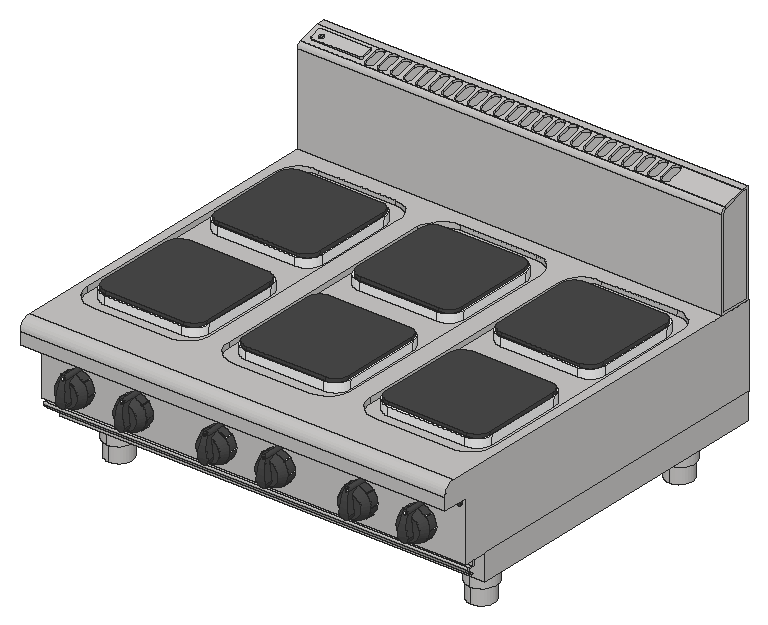
Revit family "QF_Moffat_RN8600SE-B_Electric_Cooktops_Sealed_Hobs_cat", category Specialty Equipment, Revit 2019
Family settings
  Round Connector Dimension = Use Diameter
  Part Type = Normal
  Work Plane-Based = No
  Always vertical = Yes
  Cut with Voids When Loaded = No
  Shared = No
  Room Calculation Point = No
Parameters (values of type "QF_Moffat_RN8600SE-B")
  Weight in Kilograms = 90
  Watts = 396 W
  Volts = 220 V
  URL Cutsheet = ""
  Specification by User = ""
  Specification by Manufacturer = ""
  Show Low Back [instance] = no
  Show Logo [instance] = yes
  Show High Back [instance] = not(Show Low Back)  # yes
  Serial Number = ""
  Seismic Rating = ""
  SMACNA No = ""
  Revision Code = ""
  Phase = 1
  Number of Poles = 1
  NAFEM Spec ID Number = ""
  Model = "RN8600SE-B"
  Min Ckt Ampacity = 0 A
  Max Overcurrent Protection = 0 A
  Masterspec = ""
  Manufacturer = "Moffat"
  Length = 900 mm
  Item Number = ""
  Installed By = ""
  Identify Quantity as Lot = yes
  Height = 530 mm
  HP = ""
  Furnished By = ""
  Foodservice Equipment Identifier = yes
  FL Amps = 1.8 A
  Electrical Remarks = ""
  Electric Connection Type = ""
  Elec Conn RI Height = 0 mm
  Elec Conn Connection Height = 0 mm
  Description = "Electric Cooktops Sealed Hobs"
  Depth = 805 mm
  Cycle = 50 Hz
  Conn Plug = ""
  Conn Conduit = yes
  CSI MasterFormat = ""
  Apparent Power = if(Phase = 3, Volts * FL Amps * 1.73, Volts * FL Amps)  # 396 VA
Reference planes
  plane 1 "BACK": y = 0
  plane 2: z = 0
  plane 3 "LEFT": x = 0
  plane 4 "RIGHT": x = 900
  plane 5 "FRONT": y = -805
  plane 6 "TOP": z = 530
  plane 7 "Center Y": x = 450
  plane 8 "Center X": y = -402.5
Dimensions and locks
  equal spacing: plane 3 "LEFT", plane 7 "Center Y", plane 4 "RIGHT"
  "Length": plane 3 "LEFT" to plane 4 "RIGHT"
  equal spacing: plane 5 "FRONT", plane 8 "Center X", plane 1 "BACK"
  "Depth": plane 5 "FRONT" to plane 1 "BACK"
  "Height": plane 6 "TOP" to level
  aligned and locked: level to plane 2
Nested families
  nested 1: "High and Low Option" at (0, 0, -600), High Back <- "Show High Back", Low Back <- "Show Low Back", Show Logo <- "Show Logo", type "RNLB8610SE"
    with Show Logo 2 yes, Show Logo 1 no, Show Logo yes, Low Back no, High Back yes
  nested 2: "RN8600SE-B" at (0, 0, 0), type "E516S-B"
Connectors
  electrical at (770, -30, 83.4), driven by "Volts", driven by "Watts"
    settings: on nested 2, index 1, voltage 220 V, apparent load 396 VA, apparent load phase1 0 VA, apparent load phase2 0 VA, apparent load phase3 0 VA, power factor 1, load classification "Other", number of poles 1, system type 30, power factor state 1, is connector primary yes, connector utility no, sub classification motor no, connector description "ELECTRICAL CONNECTION"
Definition of nested family "High and Low Option"
  Parameters (values of type "RNLB8610SE")
    Weight in Kilograms = 0
    Watts = Volts * FL Amps  # 12400 W
    Volts = 400 V
    URL Cutsheet = ""
    Specification by User = ""
    Specification by Manufacturer = ""
    Show Logo 2 [instance] = and(Show Logo, High Back)  # yes
    Show Logo 1 [instance] = and(Show Logo, Low Back)  # yes
    Show Logo [instance] = yes
    Serial Number = ""
    Seismic Rating = ""
    SMACNA No = ""
    Revision Code = ""
    Phase = 3
    Number of Poles = 1
    NAFEM Spec ID Number = ""
    Model = ""
    Min Ckt Ampacity = 0 A
    Max Overcurrent Protection = 0 A
    Masterspec = ""
    Manufacturer = ""
    Low Back [instance] = yes
    Length = 900 mm
    Item Number = ""
    Installed By = ""
    Identify Quantity as Lot = yes
    High Back [instance] = yes
    Height = 970 mm
    HP = ""
    Furnished By = ""
    Foodservice Equipment Identifier = yes
    FL Amps = 31 A
    Electrical Remarks = ""
    Electric Connection Type = ""
    Elec Conn RI Height = 0 mm
    Elec Conn Connection Height = 0 mm
    Description = ""
    Depth = 805 mm
    Cycle = 50 Hz
    Conn Plug = ""
    Conn Conduit = yes
    CSI MasterFormat = ""
    Apparent Power = if(Phase = 3, Volts * FL Amps * 1.73, Volts * FL Amps)  # 21452 VA
  Reference planes
    plane 1 "BACK": y = 0
    plane 2: z = 0
    plane 3 "LEFT": x = 0
    plane 4 "RIGHT": x = 900
    plane 5 "FRONT": y = -805
    plane 6 "TOP": z = 970
    plane 7 "Center Y": x = 450
    plane 8 "Center X": y = -402.5
    plane 9: x = 65.5
    plane 10: x = 834.5
    plane 11: z = 150
    plane 12: z = 675
    plane 13: z = 1130
    plane 14: z = 934.75
  Forms (mm)
    Extrusion 1, solid, visible <- "Low Back"
      sketch origin (0, 0, 600) x (0, 1, 0) y (0, 0, 1)
        loop
          line (-70, 315) -> (0, 315) -> (0, 370) -> (-55, 370) -> (-70, 355) -> (-70, 315)
      from 0 to 900
    Extrusion 2, solid, visible <- "High Back"
      sketch origin (0, 0, 0) x (0, 1, 0) y (0, 0, 1)
        loop
          line (-70, 915) -> (0, 915) -> (0, 1130) -> (-15, 1130) -> (-14.143, 1126.8) -> (-3.2, 1126.8) -> (-3.2, 918.2) -> (-66.8, 918.2) -> (-66.8, 1105.938)
          arc (-66.8, 1105.938) -> (-64.972, 1111.307) -> (-60.248, 1114.446) r 8.8
          line (-60.248, 1114.446) -> (-61.106, 1117.646)
          arc (-61.106, 1117.646) -> (-67.52, 1113.36) -> (-70, 1106.055) r 12
          line (-70, 1106.055) -> (-70, 915)
      from 0 to 900
    Extrusion 3, solid, visible <- "High Back"
      sketch origin (0, 0, 0) x (0, 1, 0) y (0, 0, 1)
        loop
          line (-3.2, 1126.8) -> (-14.143, 1126.8) -> (-60.278, 1114.438)
          arc (-60.278, 1114.438) -> (-64.982, 1111.295) -> (-66.8, 1105.938) r 8.8
          line (-66.8, 1105.938) -> (-66.8, 918.2) -> (-3.2, 918.2) -> (-3.2, 1126.8)
      from 0 to 3.2
    Extrusion 4, solid, visible <- "High Back"
      sketch origin (900, 0, 0) x (0, 1, 0) y (0, 0, -1)
        loop
          line (-3.2, -1126.8) -> (-3.2, -918.2) -> (-66.8, -918.2) -> (-66.8, -1105.938)
          arc (-66.8, -1105.938) -> (-64.982, -1111.295) -> (-60.278, -1114.438) r 8.8
          line (-60.278, -1114.438) -> (-14.143, -1126.8) -> (-3.2, -1126.8)
      from 0 to 3.2
    Extrusion 5, solid, visible <- "High Back"
      sketch origin (0, -15, 1130) x (0, -0.965926, -0.258819) y (1, 0, 0)
        loop
          line (47.732, 900) -> (0, 900) -> (0, 0) -> (47.732, 0) -> (47.732, 900)
        loop
          arc (11.379, 149.307) -> (1.379, 139.307) -> (11.379, 129.307) r 10
          line (11.379, 129.307) -> (36.495, 129.307)
          arc (36.495, 129.307) -> (46.495, 139.307) -> (36.495, 149.307) r 10
          line (36.495, 149.307) -> (11.379, 149.307)
        loop
          arc (11.379, 176.588) -> (1.379, 166.588) -> (11.379, 156.588) r 10
          line (11.379, 156.588) -> (36.495, 156.588)
          arc (36.495, 156.588) -> (46.495, 166.588) -> (36.495, 176.588) r 10
          line (36.495, 176.588) -> (11.379, 176.588)
        loop
          arc (11.379, 203.868) -> (1.379, 193.868) -> (11.379, 183.868) r 10
          line (11.379, 183.868) -> (36.495, 183.868)
          arc (36.495, 183.868) -> (46.495, 193.868) -> (36.495, 203.868) r 10
          line (36.495, 203.868) -> (11.379, 203.868)
        loop
          arc (11.379, 231.148) -> (1.379, 221.148) -> (11.379, 211.148) r 10
          line (11.379, 211.148) -> (36.495, 211.148)
          arc (36.495, 211.148) -> (46.495, 221.148) -> (36.495, 231.148) r 10
          line (36.495, 231.148) -> (11.379, 231.148)
        loop
          arc (11.379, 258.428) -> (1.379, 248.428) -> (11.379, 238.428) r 10
          line (11.379, 238.428) -> (36.495, 238.428)
          arc (36.495, 238.428) -> (46.495, 248.428) -> (36.495, 258.428) r 10
          line (36.495, 258.428) -> (11.379, 258.428)
        loop
          arc (11.379, 285.709) -> (1.379, 275.709) -> (11.379, 265.709) r 10
          line (11.379, 265.709) -> (36.495, 265.709)
          arc (36.495, 265.709) -> (46.495, 275.709) -> (36.495, 285.709) r 10
          line (36.495, 285.709) -> (11.379, 285.709)
        loop
          arc (11.379, 312.989) -> (1.379, 302.989) -> (11.379, 292.989) r 10
          line (11.379, 292.989) -> (36.495, 292.989)
          arc (36.495, 292.989) -> (46.495, 302.989) -> (36.495, 312.989) r 10
          line (36.495, 312.989) -> (11.379, 312.989)
        loop
          arc (11.379, 340.269) -> (1.379, 330.269) -> (11.379, 320.269) r 10
          line (11.379, 320.269) -> (36.495, 320.269)
          arc (36.495, 320.269) -> (46.495, 330.269) -> (36.495, 340.269) r 10
          line (36.495, 340.269) -> (11.379, 340.269)
        loop
          arc (11.379, 367.549) -> (1.379, 357.549) -> (11.379, 347.549) r 10
          line (11.379, 347.549) -> (36.495, 347.549)
          arc (36.495, 347.549) -> (46.495, 357.549) -> (36.495, 367.549) r 10
          line (36.495, 367.549) -> (11.379, 367.549)
        loop
          arc (11.379, 394.829) -> (1.379, 384.829) -> (11.379, 374.829) r 10
          line (11.379, 374.829) -> (36.495, 374.829)
          arc (36.495, 374.829) -> (46.495, 384.829) -> (36.495, 394.829) r 10
          line (36.495, 394.829) -> (11.379, 394.829)
        loop
          arc (11.379, 422.11) -> (1.379, 412.11) -> (11.379, 402.11) r 10
          line (11.379, 402.11) -> (36.495, 402.11)
          arc (36.495, 402.11) -> (46.495, 412.11) -> (36.495, 422.11) r 10
          line (36.495, 422.11) -> (11.379, 422.11)
        loop
          arc (11.379, 449.39) -> (1.379, 439.39) -> (11.379, 429.39) r 10
          line (11.379, 429.39) -> (36.495, 429.39)
          arc (36.495, 429.39) -> (46.495, 439.39) -> (36.495, 449.39) r 10
          line (36.495, 449.39) -> (11.379, 449.39)
        loop
          arc (11.379, 476.67) -> (1.379, 466.67) -> (11.379, 456.67) r 10
          line (11.379, 456.67) -> (36.495, 456.67)
          arc (36.495, 456.67) -> (46.495, 466.67) -> (36.495, 476.67) r 10
          line (36.495, 476.67) -> (11.379, 476.67)
        loop
          arc (11.379, 503.95) -> (1.379, 493.95) -> (11.379, 483.95) r 10
          line (11.379, 483.95) -> (36.495, 483.95)
          arc (36.495, 483.95) -> (46.495, 493.95) -> (36.495, 503.95) r 10
          line (36.495, 503.95) -> (11.379, 503.95)
        loop
          arc (11.379, 531.23) -> (1.379, 521.23) -> (11.379, 511.23) r 10
          line (11.379, 511.23) -> (36.495, 511.23)
          arc (36.495, 511.23) -> (46.495, 521.23) -> (36.495, 531.23) r 10
          line (36.495, 531.23) -> (11.379, 531.23)
        loop
          arc (11.379, 558.511) -> (1.379, 548.511) -> (11.379, 538.511) r 10
          line (11.379, 538.511) -> (36.495, 538.511)
          arc (36.495, 538.511) -> (46.495, 548.511) -> (36.495, 558.511) r 10
          line (36.495, 558.511) -> (11.379, 558.511)
        loop
          arc (11.379, 585.791) -> (1.379, 575.791) -> (11.379, 565.791) r 10
          line (11.379, 565.791) -> (36.495, 565.791)
          arc (36.495, 565.791) -> (46.495, 575.791) -> (36.495, 585.791) r 10
          line (36.495, 585.791) -> (11.379, 585.791)
        loop
          arc (11.379, 613.071) -> (1.379, 603.071) -> (11.379, 593.071) r 10
          line (11.379, 593.071) -> (36.495, 593.071)
          arc (36.495, 593.071) -> (46.495, 603.071) -> (36.495, 613.071) r 10
          line (36.495, 613.071) -> (11.379, 613.071)
        loop
          arc (11.379, 640.351) -> (1.379, 630.351) -> (11.379, 620.351) r 10
          line (11.379, 620.351) -> (36.495, 620.351)
          arc (36.495, 620.351) -> (46.495, 630.351) -> (36.495, 640.351) r 10
          line (36.495, 640.351) -> (11.379, 640.351)
        loop
          arc (11.379, 667.632) -> (1.379, 657.632) -> (11.379, 647.632) r 10
          line (11.379, 647.632) -> (36.495, 647.632)
          arc (36.495, 647.632) -> (46.495, 657.632) -> (36.495, 667.632) r 10
          line (36.495, 667.632) -> (11.379, 667.632)
        loop
          arc (11.379, 694.912) -> (1.379, 684.912) -> (11.379, 674.912) r 10
          line (11.379, 674.912) -> (36.495, 674.912)
          arc (36.495, 674.912) -> (46.495, 684.912) -> (36.495, 694.912) r 10
          line (36.495, 694.912) -> (11.379, 694.912)
        loop
          arc (11.379, 722.192) -> (1.379, 712.192) -> (11.379, 702.192) r 10
          line (11.379, 702.192) -> (36.495, 702.192)
          arc (36.495, 702.192) -> (46.495, 712.192) -> (36.495, 722.192) r 10
          line (36.495, 722.192) -> (11.379, 722.192)
        loop
          arc (11.379, 749.472) -> (1.379, 739.472) -> (11.379, 729.472) r 10
          line (11.379, 729.472) -> (36.495, 729.472)
          arc (36.495, 729.472) -> (46.495, 739.472) -> (36.495, 749.472) r 10
          line (36.495, 749.472) -> (11.379, 749.472)
        loop
          arc (11.379, 776.752) -> (1.379, 766.752) -> (11.379, 756.752) r 10
          line (11.379, 756.752) -> (36.495, 756.752)
          arc (36.495, 756.752) -> (46.495, 766.752) -> (36.495, 776.752) r 10
          line (36.495, 776.752) -> (11.379, 776.752)
      from 0 to -3.313
    Extrusion 6, solid, visible <- "Low Back", not visible
      sketch origin (0, 0, 600) x (0, 1, 0) y (0, 0, 1)
        loop
          line (-70, 315) -> (0, 315) -> (0, 370) -> (-55, 370) -> (-70, 355) -> (-70, 315)
      from 0 to 900
    Extrusion 7, solid, visible <- "High Back", not visible
      sketch origin (0, 0, 0) x (0, 1, 0) y (0, 0, 1)
        loop
          line (-70, 915) -> (0, 915) -> (0, 1130) -> (-15, 1130) -> (-14.143, 1126.8) -> (-3.2, 1126.8) -> (-3.2, 918.2) -> (-66.8, 918.2) -> (-66.8, 1105.938)
          arc (-66.8, 1105.938) -> (-64.972, 1111.307) -> (-60.248, 1114.446) r 8.8
          line (-60.248, 1114.446) -> (-61.106, 1117.646)
          arc (-61.106, 1117.646) -> (-67.52, 1113.36) -> (-70, 1106.055) r 12
          line (-70, 1106.055) -> (-70, 915)
      from 0 to 900
    Extrusion 8, solid, visible <- "High Back", not visible
      sketch origin (0, 0, 0) x (0, 1, 0) y (0, 0, 1)
        loop
          line (-3.2, 1126.8) -> (-14.143, 1126.8) -> (-60.278, 1114.438)
          arc (-60.278, 1114.438) -> (-64.982, 1111.295) -> (-66.8, 1105.938) r 8.8
          line (-66.8, 1105.938) -> (-66.8, 918.2) -> (-3.2, 918.2) -> (-3.2, 1126.8)
      from 0 to 3.2
    Extrusion 9, solid, visible <- "High Back", not visible
      sketch origin (900, 0, 0) x (0, 1, 0) y (0, 0, -1)
        loop
          line (-3.2, -1126.8) -> (-3.2, -918.2) -> (-66.8, -918.2) -> (-66.8, -1105.938)
          arc (-66.8, -1105.938) -> (-64.982, -1111.295) -> (-60.278, -1114.438) r 8.8
          line (-60.278, -1114.438) -> (-14.143, -1126.8) -> (-3.2, -1126.8)
      from 0 to 3.2
    Extrusion 10, solid, visible <- "High Back", not visible
      sketch origin (0, -15, 1130) x (0, -0.965926, -0.258819) y (1, 0, 0)
        loop
          line (47.732, 900) -> (0, 900) -> (0, 0) -> (47.732, 0) -> (47.732, 900)
        loop
          arc (11.379, 149.307) -> (1.379, 139.307) -> (11.379, 129.307) r 10
          line (11.379, 129.307) -> (36.495, 129.307)
          arc (36.495, 129.307) -> (46.495, 139.307) -> (36.495, 149.307) r 10
          line (36.495, 149.307) -> (11.379, 149.307)
        loop
          arc (11.379, 176.588) -> (1.379, 166.588) -> (11.379, 156.588) r 10
          line (11.379, 156.588) -> (36.495, 156.588)
          arc (36.495, 156.588) -> (46.495, 166.588) -> (36.495, 176.588) r 10
          line (36.495, 176.588) -> (11.379, 176.588)
        loop
          arc (11.379, 203.868) -> (1.379, 193.868) -> (11.379, 183.868) r 10
          line (11.379, 183.868) -> (36.495, 183.868)
          arc (36.495, 183.868) -> (46.495, 193.868) -> (36.495, 203.868) r 10
          line (36.495, 203.868) -> (11.379, 203.868)
        loop
          arc (11.379, 231.148) -> (1.379, 221.148) -> (11.379, 211.148) r 10
          line (11.379, 211.148) -> (36.495, 211.148)
          arc (36.495, 211.148) -> (46.495, 221.148) -> (36.495, 231.148) r 10
          line (36.495, 231.148) -> (11.379, 231.148)
        loop
          arc (11.379, 258.428) -> (1.379, 248.428) -> (11.379, 238.428) r 10
          line (11.379, 238.428) -> (36.495, 238.428)
          arc (36.495, 238.428) -> (46.495, 248.428) -> (36.495, 258.428) r 10
          line (36.495, 258.428) -> (11.379, 258.428)
        loop
          arc (11.379, 285.709) -> (1.379, 275.709) -> (11.379, 265.709) r 10
          line (11.379, 265.709) -> (36.495, 265.709)
          arc (36.495, 265.709) -> (46.495, 275.709) -> (36.495, 285.709) r 10
          line (36.495, 285.709) -> (11.379, 285.709)
        loop
          arc (11.379, 312.989) -> (1.379, 302.989) -> (11.379, 292.989) r 10
          line (11.379, 292.989) -> (36.495, 292.989)
          arc (36.495, 292.989) -> (46.495, 302.989) -> (36.495, 312.989) r 10
          line (36.495, 312.989) -> (11.379, 312.989)
        loop
          arc (11.379, 340.269) -> (1.379, 330.269) -> (11.379, 320.269) r 10
          line (11.379, 320.269) -> (36.495, 320.269)
          arc (36.495, 320.269) -> (46.495, 330.269) -> (36.495, 340.269) r 10
          line (36.495, 340.269) -> (11.379, 340.269)
        loop
          arc (11.379, 367.549) -> (1.379, 357.549) -> (11.379, 347.549) r 10
          line (11.379, 347.549) -> (36.495, 347.549)
          arc (36.495, 347.549) -> (46.495, 357.549) -> (36.495, 367.549) r 10
          line (36.495, 367.549) -> (11.379, 367.549)
        loop
          arc (11.379, 394.829) -> (1.379, 384.829) -> (11.379, 374.829) r 10
          line (11.379, 374.829) -> (36.495, 374.829)
          arc (36.495, 374.829) -> (46.495, 384.829) -> (36.495, 394.829) r 10
          line (36.495, 394.829) -> (11.379, 394.829)
        loop
          arc (11.379, 422.11) -> (1.379, 412.11) -> (11.379, 402.11) r 10
          line (11.379, 402.11) -> (36.495, 402.11)
          arc (36.495, 402.11) -> (46.495, 412.11) -> (36.495, 422.11) r 10
          line (36.495, 422.11) -> (11.379, 422.11)
        loop
          arc (11.379, 449.39) -> (1.379, 439.39) -> (11.379, 429.39) r 10
          line (11.379, 429.39) -> (36.495, 429.39)
          arc (36.495, 429.39) -> (46.495, 439.39) -> (36.495, 449.39) r 10
          line (36.495, 449.39) -> (11.379, 449.39)
        loop
          arc (11.379, 476.67) -> (1.379, 466.67) -> (11.379, 456.67) r 10
          line (11.379, 456.67) -> (36.495, 456.67)
          arc (36.495, 456.67) -> (46.495, 466.67) -> (36.495, 476.67) r 10
          line (36.495, 476.67) -> (11.379, 476.67)
        loop
          arc (11.379, 503.95) -> (1.379, 493.95) -> (11.379, 483.95) r 10
          line (11.379, 483.95) -> (36.495, 483.95)
          arc (36.495, 483.95) -> (46.495, 493.95) -> (36.495, 503.95) r 10
          line (36.495, 503.95) -> (11.379, 503.95)
        loop
          arc (11.379, 531.23) -> (1.379, 521.23) -> (11.379, 511.23) r 10
          line (11.379, 511.23) -> (36.495, 511.23)
          arc (36.495, 511.23) -> (46.495, 521.23) -> (36.495, 531.23) r 10
          line (36.495, 531.23) -> (11.379, 531.23)
        loop
          arc (11.379, 558.511) -> (1.379, 548.511) -> (11.379, 538.511) r 10
          line (11.379, 538.511) -> (36.495, 538.511)
          arc (36.495, 538.511) -> (46.495, 548.511) -> (36.495, 558.511) r 10
          line (36.495, 558.511) -> (11.379, 558.511)
        loop
          arc (11.379, 585.791) -> (1.379, 575.791) -> (11.379, 565.791) r 10
          line (11.379, 565.791) -> (36.495, 565.791)
          arc (36.495, 565.791) -> (46.495, 575.791) -> (36.495, 585.791) r 10
          line (36.495, 585.791) -> (11.379, 585.791)
        loop
          arc (11.379, 613.071) -> (1.379, 603.071) -> (11.379, 593.071) r 10
          line (11.379, 593.071) -> (36.495, 593.071)
          arc (36.495, 593.071) -> (46.495, 603.071) -> (36.495, 613.071) r 10
          line (36.495, 613.071) -> (11.379, 613.071)
        loop
          arc (11.379, 640.351) -> (1.379, 630.351) -> (11.379, 620.351) r 10
          line (11.379, 620.351) -> (36.495, 620.351)
          arc (36.495, 620.351) -> (46.495, 630.351) -> (36.495, 640.351) r 10
          line (36.495, 640.351) -> (11.379, 640.351)
        loop
          arc (11.379, 667.632) -> (1.379, 657.632) -> (11.379, 647.632) r 10
          line (11.379, 647.632) -> (36.495, 647.632)
          arc (36.495, 647.632) -> (46.495, 657.632) -> (36.495, 667.632) r 10
          line (36.495, 667.632) -> (11.379, 667.632)
        loop
          arc (11.379, 694.912) -> (1.379, 684.912) -> (11.379, 674.912) r 10
          line (11.379, 674.912) -> (36.495, 674.912)
          arc (36.495, 674.912) -> (46.495, 684.912) -> (36.495, 694.912) r 10
          line (36.495, 694.912) -> (11.379, 694.912)
        loop
          arc (11.379, 722.192) -> (1.379, 712.192) -> (11.379, 702.192) r 10
          line (11.379, 702.192) -> (36.495, 702.192)
          arc (36.495, 702.192) -> (46.495, 712.192) -> (36.495, 722.192) r 10
          line (36.495, 722.192) -> (11.379, 722.192)
        loop
          arc (11.379, 749.472) -> (1.379, 739.472) -> (11.379, 729.472) r 10
          line (11.379, 729.472) -> (36.495, 729.472)
          arc (36.495, 729.472) -> (46.495, 739.472) -> (36.495, 749.472) r 10
          line (36.495, 749.472) -> (11.379, 749.472)
        loop
          arc (11.379, 776.752) -> (1.379, 766.752) -> (11.379, 756.752) r 10
          line (11.379, 756.752) -> (36.495, 756.752)
          arc (36.495, 756.752) -> (46.495, 766.752) -> (36.495, 776.752) r 10
          line (36.495, 776.752) -> (11.379, 776.752)
      from 0 to -3.313
  Lines and regions (mm)
    symbolic lines
      curve 1: line (0, -71.587, 946.25) -> (0, -71.587, 923.25)
      curve 2: line (0, 0, 0) -> (900, 0, 0)
      curve 3: line (0, -70, 0) -> (0, 0, 0)
      curve 4: line (900, -70, 0) -> (0, -70, 0)
      curve 5: line (900, 0, 0) -> (900, -70, 0)
      curve 202: line (0, 0, 0) -> (900, 0, 0)
      curve 203: line (0, -70, 0) -> (0, 0, 0)
      curve 204: line (900, -70, 0) -> (0, -70, 0)
      curve 205: line (900, 0, 0) -> (900, -70, 0)
    symbolic lines, visible <- "High Back"
      curve 6: line (129.307, -50.251, 0) -> (129.307, -25.991, 0)
      curve 7: spline (129.307, -25.991, 0) -> (129.648, -23.491, 0) -> (130.647, -21.162, 0) -> (132.236, -19.161, 0) -> (134.307, -17.626, 0) -> (136.719, -16.661, 0) -> (139.307, -16.332, 0) -> (141.896, -16.661, 0) -> (144.307, -17.626, 0) -> (146.379, -19.161, 0) -> (147.968, -21.162, 0) -> (148.967, -23.491, 0) -> (149.307, -25.991, 0)
      curve 8: line (149.307, -25.991, 0) -> (149.307, -50.251, 0)
      curve 9: spline (149.307, -50.251, 0) -> (148.967, -52.751, 0) -> (147.968, -55.081, 0) -> (146.379, -57.081, 0) -> (144.307, -58.616, 0) -> (141.896, -59.581, 0) -> (139.307, -59.91, 0) -> (136.719, -59.581, 0) -> (134.307, -58.616, 0) -> (132.236, -57.081, 0) -> (130.647, -55.081, 0) -> (129.648, -52.751, 0) -> (129.307, -50.251, 0)
      curve 10: line (156.588, -50.251, 0) -> (156.588, -25.991, 0)
      curve 11: spline (156.588, -25.991, 0) -> (156.928, -23.491, 0) -> (157.927, -21.162, 0) -> (159.517, -19.161, 0) -> (161.588, -17.626, 0) -> (164, -16.661, 0) -> (166.588, -16.332, 0) -> (169.176, -16.661, 0) -> (171.588, -17.626, 0) -> (173.659, -19.161, 0) -> (175.248, -21.162, 0) -> (176.247, -23.491, 0) -> (176.588, -25.991, 0)
      curve 12: line (176.588, -25.991, 0) -> (176.588, -50.251, 0)
      curve 13: spline (176.588, -50.251, 0) -> (176.247, -52.751, 0) -> (175.248, -55.081, 0) -> (173.659, -57.081, 0) -> (171.588, -58.616, 0) -> (169.176, -59.581, 0) -> (166.588, -59.91, 0) -> (164, -59.581, 0) -> (161.588, -58.616, 0) -> (159.517, -57.081, 0) -> (157.927, -55.081, 0) -> (156.928, -52.751, 0) -> (156.588, -50.251, 0)
      curve 14: line (183.868, -50.251, 0) -> (183.868, -25.991, 0)
      curve 15: spline (183.868, -25.991, 0) -> (184.209, -23.491, 0) -> (185.208, -21.162, 0) -> (186.797, -19.161, 0) -> (188.868, -17.626, 0) -> (191.28, -16.661, 0) -> (193.868, -16.332, 0) -> (196.456, -16.661, 0) -> (198.868, -17.626, 0) -> (200.939, -19.161, 0) -> (202.528, -21.162, 0) -> (203.527, -23.491, 0) -> (203.868, -25.991, 0)
      curve 16: line (203.868, -25.991, 0) -> (203.868, -50.251, 0)
      curve 17: spline (203.868, -50.251, 0) -> (203.527, -52.751, 0) -> (202.528, -55.081, 0) -> (200.939, -57.081, 0) -> (198.868, -58.616, 0) -> (196.456, -59.581, 0) -> (193.868, -59.91, 0) -> (191.28, -59.581, 0) -> (188.868, -58.616, 0) -> (186.797, -57.081, 0) -> (185.208, -55.081, 0) -> (184.209, -52.751, 0) -> (183.868, -50.251, 0)
      curve 18: line (211.148, -50.251, 0) -> (211.148, -25.991, 0)
      curve 19: spline (211.148, -25.991, 0) -> (211.489, -23.491, 0) -> (212.488, -21.162, 0) -> (214.077, -19.161, 0) -> (216.148, -17.626, 0) -> (218.56, -16.661, 0) -> (221.148, -16.332, 0) -> (223.736, -16.661, 0) -> (226.148, -17.626, 0) -> (228.219, -19.161, 0) -> (229.808, -21.162, 0) -> (230.807, -23.491, 0) -> (231.148, -25.991, 0)
      curve 20: line (231.148, -25.991, 0) -> (231.148, -50.251, 0)
      curve 21: spline (231.148, -50.251, 0) -> (230.807, -52.751, 0) -> (229.808, -55.081, 0) -> (228.219, -57.081, 0) -> (226.148, -58.616, 0) -> (223.736, -59.581, 0) -> (221.148, -59.91, 0) -> (218.56, -59.581, 0) -> (216.148, -58.616, 0) -> (214.077, -57.081, 0) -> (212.488, -55.081, 0) -> (211.489, -52.751, 0) -> (211.148, -50.251, 0)
      curve 22: line (238.428, -50.251, 0) -> (238.428, -25.991, 0)
      curve 23: spline (238.428, -25.991, 0) -> (238.769, -23.491, 0) -> (239.768, -21.162, 0) -> (241.357, -19.161, 0) -> (243.428, -17.626, 0) -> (245.84, -16.661, 0) -> (248.428, -16.332, 0) -> (251.017, -16.661, 0) -> (253.428, -17.626, 0) -> (255.499, -19.161, 0) -> (257.089, -21.162, 0) -> (258.088, -23.491, 0) -> (258.428, -25.991, 0)
      curve 24: line (258.428, -25.991, 0) -> (258.428, -50.251, 0)
      curve 25: spline (258.428, -50.251, 0) -> (258.088, -52.751, 0) -> (257.089, -55.081, 0) -> (255.499, -57.081, 0) -> (253.428, -58.616, 0) -> (251.017, -59.581, 0) -> (248.428, -59.91, 0) -> (245.84, -59.581, 0) -> (243.428, -58.616, 0) -> (241.357, -57.081, 0) -> (239.768, -55.081, 0) -> (238.769, -52.751, 0) -> (238.428, -50.251, 0)
      curve 26: line (265.709, -50.251, 0) -> (265.709, -25.991, 0)
      curve 27: spline (265.709, -25.991, 0) -> (266.049, -23.491, 0) -> (267.048, -21.162, 0) -> (268.637, -19.161, 0) -> (270.709, -17.626, 0) -> (273.12, -16.661, 0) -> (275.709, -16.332, 0) -> (278.297, -16.661, 0) -> (280.709, -17.626, 0) -> (282.78, -19.161, 0) -> (284.369, -21.162, 0) -> (285.368, -23.491, 0) -> (285.709, -25.991, 0)
      curve 28: line (285.709, -25.991, 0) -> (285.709, -50.251, 0)
      curve 29: spline (285.709, -50.251, 0) -> (285.368, -52.751, 0) -> (284.369, -55.081, 0) -> (282.78, -57.081, 0) -> (280.709, -58.616, 0) -> (278.297, -59.581, 0) -> (275.709, -59.91, 0) -> (273.12, -59.581, 0) -> (270.709, -58.616, 0) -> (268.637, -57.081, 0) -> (267.048, -55.081, 0) -> (266.049, -52.751, 0) -> (265.709, -50.251, 0)
      curve 30: line (292.989, -50.251, 0) -> (292.989, -25.991, 0)
      curve 31: spline (292.989, -25.991, 0) -> (293.329, -23.491, 0) -> (294.329, -21.162, 0) -> (295.918, -19.161, 0) -> (297.989, -17.626, 0) -> (300.401, -16.661, 0) -> (302.989, -16.332, 0) -> (305.577, -16.661, 0) -> (307.989, -17.626, 0) -> (310.06, -19.161, 0) -> (311.649, -21.162, 0) -> (312.648, -23.491, 0) -> (312.989, -25.991, 0)
      curve 32: line (312.989, -25.991, 0) -> (312.989, -50.251, 0)
      curve 33: spline (312.989, -50.251, 0) -> (312.648, -52.751, 0) -> (311.649, -55.081, 0) -> (310.06, -57.081, 0) -> (307.989, -58.616, 0) -> (305.577, -59.581, 0) -> (302.989, -59.91, 0) -> (300.401, -59.581, 0) -> (297.989, -58.616, 0) -> (295.918, -57.081, 0) -> (294.329, -55.081, 0) -> (293.329, -52.751, 0) -> (292.989, -50.251, 0)
      curve 34: line (320.269, -50.251, 0) -> (320.269, -25.991, 0)
      curve 35: spline (320.269, -25.991, 0) -> (320.61, -23.491, 0) -> (321.609, -21.162, 0) -> (323.198, -19.161, 0) -> (325.269, -17.626, 0) -> (327.681, -16.661, 0) -> (330.269, -16.332, 0) -> (332.857, -16.661, 0) -> (335.269, -17.626, 0) -> (337.34, -19.161, 0) -> (338.929, -21.162, 0) -> (339.928, -23.491, 0) -> (340.269, -25.991, 0)
      curve 36: line (340.269, -25.991, 0) -> (340.269, -50.251, 0)
      curve 37: spline (340.269, -50.251, 0) -> (339.928, -52.751, 0) -> (338.929, -55.081, 0) -> (337.34, -57.081, 0) -> (335.269, -58.616, 0) -> (332.857, -59.581, 0) -> (330.269, -59.91, 0) -> (327.681, -59.581, 0) -> (325.269, -58.616, 0) -> (323.198, -57.081, 0) -> (321.609, -55.081, 0) -> (320.61, -52.751, 0) -> (320.269, -50.251, 0)
      curve 38: line (347.549, -50.251, 0) -> (347.549, -25.991, 0)
      curve 39: spline (347.549, -25.991, 0) -> (347.89, -23.491, 0) -> (348.889, -21.162, 0) -> (350.478, -19.161, 0) -> (352.549, -17.626, 0) -> (354.961, -16.661, 0) -> (357.549, -16.332, 0) -> (360.137, -16.661, 0) -> (362.549, -17.626, 0) -> (364.62, -19.161, 0) -> (366.209, -21.162, 0) -> (367.208, -23.491, 0) -> (367.549, -25.991, 0)
      curve 40: line (367.549, -25.991, 0) -> (367.549, -50.251, 0)
      curve 41: spline (367.549, -50.251, 0) -> (367.208, -52.751, 0) -> (366.209, -55.081, 0) -> (364.62, -57.081, 0) -> (362.549, -58.616, 0) -> (360.137, -59.581, 0) -> (357.549, -59.91, 0) -> (354.961, -59.581, 0) -> (352.549, -58.616, 0) -> (350.478, -57.081, 0) -> (348.889, -55.081, 0) -> (347.89, -52.751, 0) -> (347.549, -50.251, 0)
      curve 42: line (374.829, -50.251, 0) -> (374.829, -25.991, 0)
      curve 43: spline (374.829, -25.991, 0) -> (375.17, -23.491, 0) -> (376.169, -21.162, 0) -> (377.758, -19.161, 0) -> (379.829, -17.626, 0) -> (382.241, -16.661, 0) -> (384.829, -16.332, 0) -> (387.418, -16.661, 0) -> (389.829, -17.626, 0) -> (391.9, -19.161, 0) -> (393.49, -21.162, 0) -> (394.489, -23.491, 0) -> (394.829, -25.991, 0)
      curve 44: line (394.829, -25.991, 0) -> (394.829, -50.251, 0)
      curve 45: spline (394.829, -50.251, 0) -> (394.489, -52.751, 0) -> (393.49, -55.081, 0) -> (391.9, -57.081, 0) -> (389.829, -58.616, 0) -> (387.418, -59.581, 0) -> (384.829, -59.91, 0) -> (382.241, -59.581, 0) -> (379.829, -58.616, 0) -> (377.758, -57.081, 0) -> (376.169, -55.081, 0) -> (375.17, -52.751, 0) -> (374.829, -50.251, 0)
      curve 46: line (402.11, -50.251, 0) -> (402.11, -25.991, 0)
      curve 47: spline (402.11, -25.991, 0) -> (402.45, -23.491, 0) -> (403.449, -21.162, 0) -> (405.039, -19.161, 0) -> (407.11, -17.626, 0) -> (409.521, -16.661, 0) -> (412.11, -16.332, 0) -> (414.698, -16.661, 0) -> (417.11, -17.626, 0) -> (419.181, -19.161, 0) -> (420.77, -21.162, 0) -> (421.769, -23.491, 0) -> (422.11, -25.991, 0)
      curve 48: line (422.11, -25.991, 0) -> (422.11, -50.251, 0)
      curve 49: spline (422.11, -50.251, 0) -> (421.769, -52.751, 0) -> (420.77, -55.081, 0) -> (419.181, -57.081, 0) -> (417.11, -58.616, 0) -> (414.698, -59.581, 0) -> (412.11, -59.91, 0) -> (409.521, -59.581, 0) -> (407.11, -58.616, 0) -> (405.039, -57.081, 0) -> (403.449, -55.081, 0) -> (402.45, -52.751, 0) -> (402.11, -50.251, 0)
      curve 50: line (429.39, -50.251, 0) -> (429.39, -25.991, 0)
      curve 51: spline (429.39, -25.991, 0) -> (429.731, -23.491, 0) -> (430.73, -21.162, 0) -> (432.319, -19.161, 0) -> (434.39, -17.626, 0) -> (436.802, -16.661, 0) -> (439.39, -16.332, 0) -> (441.978, -16.661, 0) -> (444.39, -17.626, 0) -> (446.461, -19.161, 0) -> (448.05, -21.162, 0) -> (449.049, -23.491, 0) -> (449.39, -25.991, 0)
      curve 52: line (449.39, -25.991, 0) -> (449.39, -50.251, 0)
      curve 53: spline (449.39, -50.251, 0) -> (449.049, -52.751, 0) -> (448.05, -55.081, 0) -> (446.461, -57.081, 0) -> (444.39, -58.616, 0) -> (441.978, -59.581, 0) -> (439.39, -59.91, 0) -> (436.802, -59.581, 0) -> (434.39, -58.616, 0) -> (432.319, -57.081, 0) -> (430.73, -55.081, 0) -> (429.731, -52.751, 0) -> (429.39, -50.251, 0)
      curve 54: line (456.67, -50.251, 0) -> (456.67, -25.991, 0)
      curve 55: spline (456.67, -25.991, 0) -> (457.011, -23.491, 0) -> (458.01, -21.162, 0) -> (459.599, -19.161, 0) -> (461.67, -17.626, 0) -> (464.082, -16.661, 0) -> (466.67, -16.332, 0) -> (469.258, -16.661, 0) -> (471.67, -17.626, 0) -> (473.741, -19.161, 0) -> (475.33, -21.162, 0) -> (476.329, -23.491, 0) -> (476.67, -25.991, 0)
      curve 56: line (476.67, -25.991, 0) -> (476.67, -50.251, 0)
      curve 57: spline (476.67, -50.251, 0) -> (476.329, -52.751, 0) -> (475.33, -55.081, 0) -> (473.741, -57.081, 0) -> (471.67, -58.616, 0) -> (469.258, -59.581, 0) -> (466.67, -59.91, 0) -> (464.082, -59.581, 0) -> (461.67, -58.616, 0) -> (459.599, -57.081, 0) -> (458.01, -55.081, 0) -> (457.011, -52.751, 0) -> (456.67, -50.251, 0)
      curve 58: line (483.95, -50.251, 0) -> (483.95, -25.991, 0)
      curve 59: spline (483.95, -25.991, 0) -> (484.291, -23.491, 0) -> (485.29, -21.162, 0) -> (486.879, -19.161, 0) -> (488.95, -17.626, 0) -> (491.362, -16.661, 0) -> (493.95, -16.332, 0) -> (496.538, -16.661, 0) -> (498.95, -17.626, 0) -> (501.021, -19.161, 0) -> (502.61, -21.162, 0) -> (503.609, -23.491, 0) -> (503.95, -25.991, 0)
      curve 60: line (503.95, -25.991, 0) -> (503.95, -50.251, 0)
      curve 61: spline (503.95, -50.251, 0) -> (503.609, -52.751, 0) -> (502.61, -55.081, 0) -> (501.021, -57.081, 0) -> (498.95, -58.616, 0) -> (496.538, -59.581, 0) -> (493.95, -59.91, 0) -> (491.362, -59.581, 0) -> (488.95, -58.616, 0) -> (486.879, -57.081, 0) -> (485.29, -55.081, 0) -> (484.291, -52.751, 0) -> (483.95, -50.251, 0)
      curve 62: line (511.23, -50.251, 0) -> (511.23, -25.991, 0)
      curve 63: spline (511.23, -25.991, 0) -> (511.571, -23.491, 0) -> (512.57, -21.162, 0) -> (514.159, -19.161, 0) -> (516.23, -17.626, 0) -> (518.642, -16.661, 0) -> (521.23, -16.332, 0) -> (523.819, -16.661, 0) -> (526.23, -17.626, 0) -> (528.302, -19.161, 0) -> (529.891, -21.162, 0) -> (530.89, -23.491, 0) -> (531.23, -25.991, 0)
      curve 64: line (531.23, -25.991, 0) -> (531.23, -50.251, 0)
      curve 65: spline (531.23, -50.251, 0) -> (530.89, -52.751, 0) -> (529.891, -55.081, 0) -> (528.302, -57.081, 0) -> (526.23, -58.616, 0) -> (523.819, -59.581, 0) -> (521.23, -59.91, 0) -> (518.642, -59.581, 0) -> (516.23, -58.616, 0) -> (514.159, -57.081, 0) -> (512.57, -55.081, 0) -> (511.571, -52.751, 0) -> (511.23, -50.251, 0)
      curve 66: line (538.511, -50.251, 0) -> (538.511, -25.991, 0)
      curve 67: spline (538.511, -25.991, 0) -> (538.851, -23.491, 0) -> (539.85, -21.162, 0) -> (541.44, -19.161, 0) -> (543.511, -17.626, 0) -> (545.922, -16.661, 0) -> (548.511, -16.332, 0) -> (551.099, -16.661, 0) -> (553.511, -17.626, 0) -> (555.582, -19.161, 0) -> (557.171, -21.162, 0) -> (558.17, -23.491, 0) -> (558.511, -25.991, 0)
      curve 68: line (558.511, -25.991, 0) -> (558.511, -50.251, 0)
      curve 69: spline (558.511, -50.251, 0) -> (558.17, -52.751, 0) -> (557.171, -55.081, 0) -> (555.582, -57.081, 0) -> (553.511, -58.616, 0) -> (551.099, -59.581, 0) -> (548.511, -59.91, 0) -> (545.922, -59.581, 0) -> (543.511, -58.616, 0) -> (541.44, -57.081, 0) -> (539.85, -55.081, 0) -> (538.851, -52.751, 0) -> (538.511, -50.251, 0)
      curve 70: line (565.791, -50.251, 0) -> (565.791, -25.991, 0)
      curve 71: spline (565.791, -25.991, 0) -> (566.132, -23.491, 0) -> (567.131, -21.162, 0) -> (568.72, -19.161, 0) -> (570.791, -17.626, 0) -> (573.203, -16.661, 0) -> (575.791, -16.332, 0) -> (578.379, -16.661, 0) -> (580.791, -17.626, 0) -> (582.862, -19.161, 0) -> (584.451, -21.162, 0) -> (585.45, -23.491, 0) -> (585.791, -25.991, 0)
      curve 72: line (585.791, -25.991, 0) -> (585.791, -50.251, 0)
      curve 73: spline (585.791, -50.251, 0) -> (585.45, -52.751, 0) -> (584.451, -55.081, 0) -> (582.862, -57.081, 0) -> (580.791, -58.616, 0) -> (578.379, -59.581, 0) -> (575.791, -59.91, 0) -> (573.203, -59.581, 0) -> (570.791, -58.616, 0) -> (568.72, -57.081, 0) -> (567.131, -55.081, 0) -> (566.132, -52.751, 0) -> (565.791, -50.251, 0)
      curve 74: line (593.071, -50.251, 0) -> (593.071, -25.991, 0)
      curve 75: spline (593.071, -25.991, 0) -> (593.412, -23.491, 0) -> (594.411, -21.162, 0) -> (596, -19.161, 0) -> (598.071, -17.626, 0) -> (600.483, -16.661, 0) -> (603.071, -16.332, 0) -> (605.659, -16.661, 0) -> (608.071, -17.626, 0) -> (610.142, -19.161, 0) -> (611.731, -21.162, 0) -> (612.73, -23.491, 0) -> (613.071, -25.991, 0)
      curve 76: line (613.071, -25.991, 0) -> (613.071, -50.251, 0)
      curve 77: spline (613.071, -50.251, 0) -> (612.73, -52.751, 0) -> (611.731, -55.081, 0) -> (610.142, -57.081, 0) -> (608.071, -58.616, 0) -> (605.659, -59.581, 0) -> (603.071, -59.91, 0) -> (600.483, -59.581, 0) -> (598.071, -58.616, 0) -> (596, -57.081, 0) -> (594.411, -55.081, 0) -> (593.412, -52.751, 0) -> (593.071, -50.251, 0)
      curve 78: line (620.351, -50.251, 0) -> (620.351, -25.991, 0)
      curve 79: spline (620.351, -25.991, 0) -> (620.692, -23.491, 0) -> (621.691, -21.162, 0) -> (623.28, -19.161, 0) -> (625.351, -17.626, 0) -> (627.763, -16.661, 0) -> (630.351, -16.332, 0) -> (632.939, -16.661, 0) -> (635.351, -17.626, 0) -> (637.422, -19.161, 0) -> (639.012, -21.162, 0) -> (640.011, -23.491, 0) -> (640.351, -25.991, 0)
      curve 80: line (640.351, -25.991, 0) -> (640.351, -50.251, 0)
      curve 81: spline (640.351, -50.251, 0) -> (640.011, -52.751, 0) -> (639.012, -55.081, 0) -> (637.422, -57.081, 0) -> (635.351, -58.616, 0) -> (632.939, -59.581, 0) -> (630.351, -59.91, 0) -> (627.763, -59.581, 0) -> (625.351, -58.616, 0) -> (623.28, -57.081, 0) -> (621.691, -55.081, 0) -> (620.692, -52.751, 0) -> (620.351, -50.251, 0)
      curve 82: line (647.632, -50.251, 0) -> (647.632, -25.991, 0)
      curve 83: spline (647.632, -25.991, 0) -> (647.972, -23.491, 0) -> (648.971, -21.162, 0) -> (650.56, -19.161, 0) -> (652.632, -17.626, 0) -> (655.043, -16.661, 0) -> (657.632, -16.332, 0) -> (660.22, -16.661, 0) -> (662.632, -17.626, 0) -> (664.703, -19.161, 0) -> (666.292, -21.162, 0) -> (667.291, -23.491, 0) -> (667.632, -25.991, 0)
      curve 84: line (667.632, -25.991, 0) -> (667.632, -50.251, 0)
      curve 85: spline (667.632, -50.251, 0) -> (667.291, -52.751, 0) -> (666.292, -55.081, 0) -> (664.703, -57.081, 0) -> (662.632, -58.616, 0) -> (660.22, -59.581, 0) -> (657.632, -59.91, 0) -> (655.043, -59.581, 0) -> (652.632, -58.616, 0) -> (650.56, -57.081, 0) -> (648.971, -55.081, 0) -> (647.972, -52.751, 0) -> (647.632, -50.251, 0)
      curve 86: line (674.912, -50.251, 0) -> (674.912, -25.991, 0)
      curve 87: spline (674.912, -25.991, 0) -> (675.252, -23.491, 0) -> (676.251, -21.162, 0) -> (677.841, -19.161, 0) -> (679.912, -17.626, 0) -> (682.324, -16.661, 0) -> (684.912, -16.332, 0) -> (687.5, -16.661, 0) -> (689.912, -17.626, 0) -> (691.983, -19.161, 0) -> (693.572, -21.162, 0) -> (694.571, -23.491, 0) -> (694.912, -25.991, 0)
      curve 88: line (694.912, -25.991, 0) -> (694.912, -50.251, 0)
      curve 89: spline (694.912, -50.251, 0) -> (694.571, -52.751, 0) -> (693.572, -55.081, 0) -> (691.983, -57.081, 0) -> (689.912, -58.616, 0) -> (687.5, -59.581, 0) -> (684.912, -59.91, 0) -> (682.324, -59.581, 0) -> (679.912, -58.616, 0) -> (677.841, -57.081, 0) -> (676.251, -55.081, 0) -> (675.252, -52.751, 0) -> (674.912, -50.251, 0)
      curve 90: line (702.192, -50.251, 0) -> (702.192, -25.991, 0)
      curve 91: spline (702.192, -25.991, 0) -> (702.533, -23.491, 0) -> (703.532, -21.162, 0) -> (705.121, -19.161, 0) -> (707.192, -17.626, 0) -> (709.604, -16.661, 0) -> (712.192, -16.332, 0) -> (714.78, -16.661, 0) -> (717.192, -17.626, 0) -> (719.263, -19.161, 0) -> (720.852, -21.162, 0) -> (721.851, -23.491, 0) -> (722.192, -25.991, 0)
      curve 92: line (722.192, -25.991, 0) -> (722.192, -50.251, 0)
      curve 93: spline (722.192, -50.251, 0) -> (721.851, -52.751, 0) -> (720.852, -55.081, 0) -> (719.263, -57.081, 0) -> (717.192, -58.616, 0) -> (714.78, -59.581, 0) -> (712.192, -59.91, 0) -> (709.604, -59.581, 0) -> (707.192, -58.616, 0) -> (705.121, -57.081, 0) -> (703.532, -55.081, 0) -> (702.533, -52.751, 0) -> (702.192, -50.251, 0)
      curve 94: line (729.472, -50.251, 0) -> (729.472, -25.991, 0)
      curve 95: spline (729.472, -25.991, 0) -> (729.813, -23.491, 0) -> (730.812, -21.162, 0) -> (732.401, -19.161, 0) -> (734.472, -17.626, 0) -> (736.884, -16.661, 0) -> (739.472, -16.332, 0) -> (742.06, -16.661, 0) -> (744.472, -17.626, 0) -> (746.543, -19.161, 0) -> (748.132, -21.162, 0) -> (749.131, -23.491, 0) -> (749.472, -25.991, 0)
      curve 96: line (749.472, -25.991, 0) -> (749.472, -50.251, 0)
      curve 97: spline (749.472, -50.251, 0) -> (749.131, -52.751, 0) -> (748.132, -55.081, 0) -> (746.543, -57.081, 0) -> (744.472, -58.616, 0) -> (742.06, -59.581, 0) -> (739.472, -59.91, 0) -> (736.884, -59.581, 0) -> (734.472, -58.616, 0) -> (732.401, -57.081, 0) -> (730.812, -55.081, 0) -> (729.813, -52.751, 0) -> (729.472, -50.251, 0)
      curve 98: line (756.752, -50.251, 0) -> (756.752, -25.991, 0)
      curve 99: spline (756.752, -25.991, 0) -> (757.093, -23.491, 0) -> (758.092, -21.162, 0) -> (759.681, -19.161, 0) -> (761.752, -17.626, 0) -> (764.164, -16.661, 0) -> (766.752, -16.332, 0) -> (769.341, -16.661, 0) -> (771.752, -17.626, 0) -> (773.823, -19.161, 0) -> (775.413, -21.162, 0) -> (776.412, -23.491, 0) -> (776.752, -25.991, 0)
      curve 100: line (776.752, -25.991, 0) -> (776.752, -50.251, 0)
      curve 101: spline (776.752, -50.251, 0) -> (776.412, -52.751, 0) -> (775.413, -55.081, 0) -> (773.823, -57.081, 0) -> (771.752, -58.616, 0) -> (769.341, -59.581, 0) -> (766.752, -59.91, 0) -> (764.164, -59.581, 0) -> (761.752, -58.616, 0) -> (759.681, -57.081, 0) -> (758.092, -55.081, 0) -> (757.093, -52.751, 0) -> (756.752, -50.251, 0)
    symbolic lines, not visible
      curve 102: line (0, 0, 0) -> (900, 0, 0)
      curve 103: line (0, -70, 0) -> (0, 0, 0)
      curve 104: line (900, -70, 0) -> (0, -70, 0)
      curve 105: line (900, 0, 0) -> (900, -70, 0)
      curve 206: line (0, 0, 0) -> (900, 0, 0)
      curve 207: line (0, -70, 0) -> (0, 0, 0)
      curve 208: line (900, -70, 0) -> (0, -70, 0)
      curve 209: line (900, 0, 0) -> (900, -70, 0)
    symbolic lines, visible <- "High Back", not visible
      curve 106: line (129.307, -50.251, 0) -> (129.307, -25.991, 0)
      curve 107: spline (129.307, -25.991, 0) -> (129.648, -23.491, 0) -> (130.647, -21.162, 0) -> (132.236, -19.161, 0) -> (134.307, -17.626, 0) -> (136.719, -16.661, 0) -> (139.307, -16.332, 0) -> (141.896, -16.661, 0) -> (144.307, -17.626, 0) -> (146.379, -19.161, 0) -> (147.968, -21.162, 0) -> (148.967, -23.491, 0) -> (149.307, -25.991, 0)
      curve 108: line (149.307, -25.991, 0) -> (149.307, -50.251, 0)
      curve 109: spline (149.307, -50.251, 0) -> (148.967, -52.751, 0) -> (147.968, -55.081, 0) -> (146.379, -57.081, 0) -> (144.307, -58.616, 0) -> (141.896, -59.581, 0) -> (139.307, -59.91, 0) -> (136.719, -59.581, 0) -> (134.307, -58.616, 0) -> (132.236, -57.081, 0) -> (130.647, -55.081, 0) -> (129.648, -52.751, 0) -> (129.307, -50.251, 0)
      curve 110: line (156.588, -50.251, 0) -> (156.588, -25.991, 0)
      curve 111: spline (156.588, -25.991, 0) -> (156.928, -23.491, 0) -> (157.927, -21.162, 0) -> (159.517, -19.161, 0) -> (161.588, -17.626, 0) -> (164, -16.661, 0) -> (166.588, -16.332, 0) -> (169.176, -16.661, 0) -> (171.588, -17.626, 0) -> (173.659, -19.161, 0) -> (175.248, -21.162, 0) -> (176.247, -23.491, 0) -> (176.588, -25.991, 0)
      curve 112: line (176.588, -25.991, 0) -> (176.588, -50.251, 0)
      curve 113: spline (176.588, -50.251, 0) -> (176.247, -52.751, 0) -> (175.248, -55.081, 0) -> (173.659, -57.081, 0) -> (171.588, -58.616, 0) -> (169.176, -59.581, 0) -> (166.588, -59.91, 0) -> (164, -59.581, 0) -> (161.588, -58.616, 0) -> (159.517, -57.081, 0) -> (157.927, -55.081, 0) -> (156.928, -52.751, 0) -> (156.588, -50.251, 0)
      curve 114: line (183.868, -50.251, 0) -> (183.868, -25.991, 0)
      curve 115: spline (183.868, -25.991, 0) -> (184.209, -23.491, 0) -> (185.208, -21.162, 0) -> (186.797, -19.161, 0) -> (188.868, -17.626, 0) -> (191.28, -16.661, 0) -> (193.868, -16.332, 0) -> (196.456, -16.661, 0) -> (198.868, -17.626, 0) -> (200.939, -19.161, 0) -> (202.528, -21.162, 0) -> (203.527, -23.491, 0) -> (203.868, -25.991, 0)
      curve 116: line (203.868, -25.991, 0) -> (203.868, -50.251, 0)
      curve 117: spline (203.868, -50.251, 0) -> (203.527, -52.751, 0) -> (202.528, -55.081, 0) -> (200.939, -57.081, 0) -> (198.868, -58.616, 0) -> (196.456, -59.581, 0) -> (193.868, -59.91, 0) -> (191.28, -59.581, 0) -> (188.868, -58.616, 0) -> (186.797, -57.081, 0) -> (185.208, -55.081, 0) -> (184.209, -52.751, 0) -> (183.868, -50.251, 0)
      curve 118: line (211.148, -50.251, 0) -> (211.148, -25.991, 0)
      curve 119: spline (211.148, -25.991, 0) -> (211.489, -23.491, 0) -> (212.488, -21.162, 0) -> (214.077, -19.161, 0) -> (216.148, -17.626, 0) -> (218.56, -16.661, 0) -> (221.148, -16.332, 0) -> (223.736, -16.661, 0) -> (226.148, -17.626, 0) -> (228.219, -19.161, 0) -> (229.808, -21.162, 0) -> (230.807, -23.491, 0) -> (231.148, -25.991, 0)
      curve 120: line (231.148, -25.991, 0) -> (231.148, -50.251, 0)
      curve 121: spline (231.148, -50.251, 0) -> (230.807, -52.751, 0) -> (229.808, -55.081, 0) -> (228.219, -57.081, 0) -> (226.148, -58.616, 0) -> (223.736, -59.581, 0) -> (221.148, -59.91, 0) -> (218.56, -59.581, 0) -> (216.148, -58.616, 0) -> (214.077, -57.081, 0) -> (212.488, -55.081, 0) -> (211.489, -52.751, 0) -> (211.148, -50.251, 0)
      curve 122: line (238.428, -50.251, 0) -> (238.428, -25.991, 0)
      curve 123: spline (238.428, -25.991, 0) -> (238.769, -23.491, 0) -> (239.768, -21.162, 0) -> (241.357, -19.161, 0) -> (243.428, -17.626, 0) -> (245.84, -16.661, 0) -> (248.428, -16.332, 0) -> (251.017, -16.661, 0) -> (253.428, -17.626, 0) -> (255.499, -19.161, 0) -> (257.089, -21.162, 0) -> (258.088, -23.491, 0) -> (258.428, -25.991, 0)
      curve 124: line (258.428, -25.991, 0) -> (258.428, -50.251, 0)
      curve 125: spline (258.428, -50.251, 0) -> (258.088, -52.751, 0) -> (257.089, -55.081, 0) -> (255.499, -57.081, 0) -> (253.428, -58.616, 0) -> (251.017, -59.581, 0) -> (248.428, -59.91, 0) -> (245.84, -59.581, 0) -> (243.428, -58.616, 0) -> (241.357, -57.081, 0) -> (239.768, -55.081, 0) -> (238.769, -52.751, 0) -> (238.428, -50.251, 0)
      curve 126: line (265.709, -50.251, 0) -> (265.709, -25.991, 0)
      curve 127: spline (265.709, -25.991, 0) -> (266.049, -23.491, 0) -> (267.048, -21.162, 0) -> (268.637, -19.161, 0) -> (270.709, -17.626, 0) -> (273.12, -16.661, 0) -> (275.709, -16.332, 0) -> (278.297, -16.661, 0) -> (280.709, -17.626, 0) -> (282.78, -19.161, 0) -> (284.369, -21.162, 0) -> (285.368, -23.491, 0) -> (285.709, -25.991, 0)
      curve 128: line (285.709, -25.991, 0) -> (285.709, -50.251, 0)
      curve 129: spline (285.709, -50.251, 0) -> (285.368, -52.751, 0) -> (284.369, -55.081, 0) -> (282.78, -57.081, 0) -> (280.709, -58.616, 0) -> (278.297, -59.581, 0) -> (275.709, -59.91, 0) -> (273.12, -59.581, 0) -> (270.709, -58.616, 0) -> (268.637, -57.081, 0) -> (267.048, -55.081, 0) -> (266.049, -52.751, 0) -> (265.709, -50.251, 0)
      curve 130: line (292.989, -50.251, 0) -> (292.989, -25.991, 0)
      curve 131: spline (292.989, -25.991, 0) -> (293.329, -23.491, 0) -> (294.329, -21.162, 0) -> (295.918, -19.161, 0) -> (297.989, -17.626, 0) -> (300.401, -16.661, 0) -> (302.989, -16.332, 0) -> (305.577, -16.661, 0) -> (307.989, -17.626, 0) -> (310.06, -19.161, 0) -> (311.649, -21.162, 0) -> (312.648, -23.491, 0) -> (312.989, -25.991, 0)
      curve 132: line (312.989, -25.991, 0) -> (312.989, -50.251, 0)
      curve 133: spline (312.989, -50.251, 0) -> (312.648, -52.751, 0) -> (311.649, -55.081, 0) -> (310.06, -57.081, 0) -> (307.989, -58.616, 0) -> (305.577, -59.581, 0) -> (302.989, -59.91, 0) -> (300.401, -59.581, 0) -> (297.989, -58.616, 0) -> (295.918, -57.081, 0) -> (294.329, -55.081, 0) -> (293.329, -52.751, 0) -> (292.989, -50.251, 0)
      curve 134: line (320.269, -50.251, 0) -> (320.269, -25.991, 0)
      curve 135: spline (320.269, -25.991, 0) -> (320.61, -23.491, 0) -> (321.609, -21.162, 0) -> (323.198, -19.161, 0) -> (325.269, -17.626, 0) -> (327.681, -16.661, 0) -> (330.269, -16.332, 0) -> (332.857, -16.661, 0) -> (335.269, -17.626, 0) -> (337.34, -19.161, 0) -> (338.929, -21.162, 0) -> (339.928, -23.491, 0) -> (340.269, -25.991, 0)
      curve 136: line (340.269, -25.991, 0) -> (340.269, -50.251, 0)
      curve 137: spline (340.269, -50.251, 0) -> (339.928, -52.751, 0) -> (338.929, -55.081, 0) -> (337.34, -57.081, 0) -> (335.269, -58.616, 0) -> (332.857, -59.581, 0) -> (330.269, -59.91, 0) -> (327.681, -59.581, 0) -> (325.269, -58.616, 0) -> (323.198, -57.081, 0) -> (321.609, -55.081, 0) -> (320.61, -52.751, 0) -> (320.269, -50.251, 0)
      curve 138: line (347.549, -50.251, 0) -> (347.549, -25.991, 0)
      curve 139: spline (347.549, -25.991, 0) -> (347.89, -23.491, 0) -> (348.889, -21.162, 0) -> (350.478, -19.161, 0) -> (352.549, -17.626, 0) -> (354.961, -16.661, 0) -> (357.549, -16.332, 0) -> (360.137, -16.661, 0) -> (362.549, -17.626, 0) -> (364.62, -19.161, 0) -> (366.209, -21.162, 0) -> (367.208, -23.491, 0) -> (367.549, -25.991, 0)
      curve 140: line (367.549, -25.991, 0) -> (367.549, -50.251, 0)
      curve 141: spline (367.549, -50.251, 0) -> (367.208, -52.751, 0) -> (366.209, -55.081, 0) -> (364.62, -57.081, 0) -> (362.549, -58.616, 0) -> (360.137, -59.581, 0) -> (357.549, -59.91, 0) -> (354.961, -59.581, 0) -> (352.549, -58.616, 0) -> (350.478, -57.081, 0) -> (348.889, -55.081, 0) -> (347.89, -52.751, 0) -> (347.549, -50.251, 0)
      curve 142: line (374.829, -50.251, 0) -> (374.829, -25.991, 0)
      curve 143: spline (374.829, -25.991, 0) -> (375.17, -23.491, 0) -> (376.169, -21.162, 0) -> (377.758, -19.161, 0) -> (379.829, -17.626, 0) -> (382.241, -16.661, 0) -> (384.829, -16.332, 0) -> (387.418, -16.661, 0) -> (389.829, -17.626, 0) -> (391.9, -19.161, 0) -> (393.49, -21.162, 0) -> (394.489, -23.491, 0) -> (394.829, -25.991, 0)
      curve 144: line (394.829, -25.991, 0) -> (394.829, -50.251, 0)
      curve 145: spline (394.829, -50.251, 0) -> (394.489, -52.751, 0) -> (393.49, -55.081, 0) -> (391.9, -57.081, 0) -> (389.829, -58.616, 0) -> (387.418, -59.581, 0) -> (384.829, -59.91, 0) -> (382.241, -59.581, 0) -> (379.829, -58.616, 0) -> (377.758, -57.081, 0) -> (376.169, -55.081, 0) -> (375.17, -52.751, 0) -> (374.829, -50.251, 0)
      curve 146: line (402.11, -50.251, 0) -> (402.11, -25.991, 0)
      curve 147: spline (402.11, -25.991, 0) -> (402.45, -23.491, 0) -> (403.449, -21.162, 0) -> (405.039, -19.161, 0) -> (407.11, -17.626, 0) -> (409.521, -16.661, 0) -> (412.11, -16.332, 0) -> (414.698, -16.661, 0) -> (417.11, -17.626, 0) -> (419.181, -19.161, 0) -> (420.77, -21.162, 0) -> (421.769, -23.491, 0) -> (422.11, -25.991, 0)
      curve 148: line (422.11, -25.991, 0) -> (422.11, -50.251, 0)
      curve 149: spline (422.11, -50.251, 0) -> (421.769, -52.751, 0) -> (420.77, -55.081, 0) -> (419.181, -57.081, 0) -> (417.11, -58.616, 0) -> (414.698, -59.581, 0) -> (412.11, -59.91, 0) -> (409.521, -59.581, 0) -> (407.11, -58.616, 0) -> (405.039, -57.081, 0) -> (403.449, -55.081, 0) -> (402.45, -52.751, 0) -> (402.11, -50.251, 0)
      curve 150: line (429.39, -50.251, 0) -> (429.39, -25.991, 0)
      curve 151: spline (429.39, -25.991, 0) -> (429.731, -23.491, 0) -> (430.73, -21.162, 0) -> (432.319, -19.161, 0) -> (434.39, -17.626, 0) -> (436.802, -16.661, 0) -> (439.39, -16.332, 0) -> (441.978, -16.661, 0) -> (444.39, -17.626, 0) -> (446.461, -19.161, 0) -> (448.05, -21.162, 0) -> (449.049, -23.491, 0) -> (449.39, -25.991, 0)
      curve 152: line (449.39, -25.991, 0) -> (449.39, -50.251, 0)
      curve 153: spline (449.39, -50.251, 0) -> (449.049, -52.751, 0) -> (448.05, -55.081, 0) -> (446.461, -57.081, 0) -> (444.39, -58.616, 0) -> (441.978, -59.581, 0) -> (439.39, -59.91, 0) -> (436.802, -59.581, 0) -> (434.39, -58.616, 0) -> (432.319, -57.081, 0) -> (430.73, -55.081, 0) -> (429.731, -52.751, 0) -> (429.39, -50.251, 0)
      curve 154: line (456.67, -50.251, 0) -> (456.67, -25.991, 0)
      curve 155: spline (456.67, -25.991, 0) -> (457.011, -23.491, 0) -> (458.01, -21.162, 0) -> (459.599, -19.161, 0) -> (461.67, -17.626, 0) -> (464.082, -16.661, 0) -> (466.67, -16.332, 0) -> (469.258, -16.661, 0) -> (471.67, -17.626, 0) -> (473.741, -19.161, 0) -> (475.33, -21.162, 0) -> (476.329, -23.491, 0) -> (476.67, -25.991, 0)
      curve 156: line (476.67, -25.991, 0) -> (476.67, -50.251, 0)
      curve 157: spline (476.67, -50.251, 0) -> (476.329, -52.751, 0) -> (475.33, -55.081, 0) -> (473.741, -57.081, 0) -> (471.67, -58.616, 0) -> (469.258, -59.581, 0) -> (466.67, -59.91, 0) -> (464.082, -59.581, 0) -> (461.67, -58.616, 0) -> (459.599, -57.081, 0) -> (458.01, -55.081, 0) -> (457.011, -52.751, 0) -> (456.67, -50.251, 0)
      curve 158: line (483.95, -50.251, 0) -> (483.95, -25.991, 0)
      curve 159: spline (483.95, -25.991, 0) -> (484.291, -23.491, 0) -> (485.29, -21.162, 0) -> (486.879, -19.161, 0) -> (488.95, -17.626, 0) -> (491.362, -16.661, 0) -> (493.95, -16.332, 0) -> (496.538, -16.661, 0) -> (498.95, -17.626, 0) -> (501.021, -19.161, 0) -> (502.61, -21.162, 0) -> (503.609, -23.491, 0) -> (503.95, -25.991, 0)
      curve 160: line (503.95, -25.991, 0) -> (503.95, -50.251, 0)
      curve 161: spline (503.95, -50.251, 0) -> (503.609, -52.751, 0) -> (502.61, -55.081, 0) -> (501.021, -57.081, 0) -> (498.95, -58.616, 0) -> (496.538, -59.581, 0) -> (493.95, -59.91, 0) -> (491.362, -59.581, 0) -> (488.95, -58.616, 0) -> (486.879, -57.081, 0) -> (485.29, -55.081, 0) -> (484.291, -52.751, 0) -> (483.95, -50.251, 0)
      curve 162: line (511.23, -50.251, 0) -> (511.23, -25.991, 0)
      curve 163: spline (511.23, -25.991, 0) -> (511.571, -23.491, 0) -> (512.57, -21.162, 0) -> (514.159, -19.161, 0) -> (516.23, -17.626, 0) -> (518.642, -16.661, 0) -> (521.23, -16.332, 0) -> (523.819, -16.661, 0) -> (526.23, -17.626, 0) -> (528.302, -19.161, 0) -> (529.891, -21.162, 0) -> (530.89, -23.491, 0) -> (531.23, -25.991, 0)
      curve 164: line (531.23, -25.991, 0) -> (531.23, -50.251, 0)
      curve 165: spline (531.23, -50.251, 0) -> (530.89, -52.751, 0) -> (529.891, -55.081, 0) -> (528.302, -57.081, 0) -> (526.23, -58.616, 0) -> (523.819, -59.581, 0) -> (521.23, -59.91, 0) -> (518.642, -59.581, 0) -> (516.23, -58.616, 0) -> (514.159, -57.081, 0) -> (512.57, -55.081, 0) -> (511.571, -52.751, 0) -> (511.23, -50.251, 0)
      curve 166: line (538.511, -50.251, 0) -> (538.511, -25.991, 0)
      curve 167: spline (538.511, -25.991, 0) -> (538.851, -23.491, 0) -> (539.85, -21.162, 0) -> (541.44, -19.161, 0) -> (543.511, -17.626, 0) -> (545.922, -16.661, 0) -> (548.511, -16.332, 0) -> (551.099, -16.661, 0) -> (553.511, -17.626, 0) -> (555.582, -19.161, 0) -> (557.171, -21.162, 0) -> (558.17, -23.491, 0) -> (558.511, -25.991, 0)
      curve 168: line (558.511, -25.991, 0) -> (558.511, -50.251, 0)
      curve 169: spline (558.511, -50.251, 0) -> (558.17, -52.751, 0) -> (557.171, -55.081, 0) -> (555.582, -57.081, 0) -> (553.511, -58.616, 0) -> (551.099, -59.581, 0) -> (548.511, -59.91, 0) -> (545.922, -59.581, 0) -> (543.511, -58.616, 0) -> (541.44, -57.081, 0) -> (539.85, -55.081, 0) -> (538.851, -52.751, 0) -> (538.511, -50.251, 0)
      curve 170: line (565.791, -50.251, 0) -> (565.791, -25.991, 0)
      curve 171: spline (565.791, -25.991, 0) -> (566.132, -23.491, 0) -> (567.131, -21.162, 0) -> (568.72, -19.161, 0) -> (570.791, -17.626, 0) -> (573.203, -16.661, 0) -> (575.791, -16.332, 0) -> (578.379, -16.661, 0) -> (580.791, -17.626, 0) -> (582.862, -19.161, 0) -> (584.451, -21.162, 0) -> (585.45, -23.491, 0) -> (585.791, -25.991, 0)
      curve 172: line (585.791, -25.991, 0) -> (585.791, -50.251, 0)
